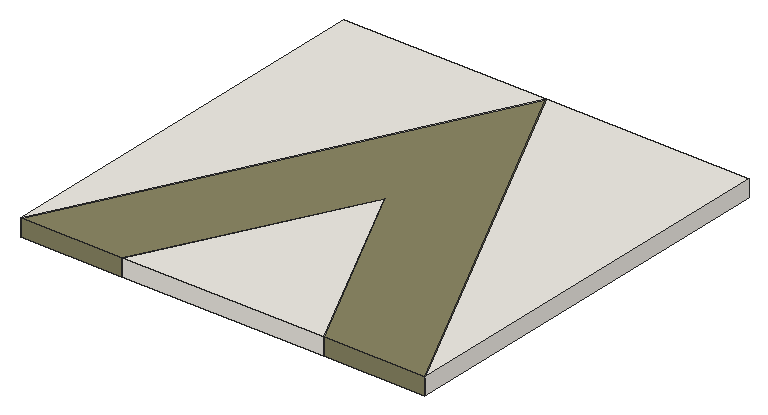
Revit family "Cambio Wall Systems - Art and Graphic - CHEVRON 36x36", category Generic Models, host Face, Revit 2023
Family settings
  Host = Face
  Can host rebar = No
  Round Connector Dimension = Use Diameter
  Part Type = Normal
  Cut with Voids When Loaded = No
  Maintain Annotation Orientation = No
  Shared = No
  Room Calculation Point = No
Parameters (values of type "Art and Graphics - SAGUARO WHITE FLOUR")
  Default Elevation = 4' - 0"
  Cambio Material 2 = Cambio Art and Graphics - White Flour
  Cambio Material = Cambio Art and Graphics - Saguaro
Types (4): name | Cambio Material 2 | Cambio Material
  Art and Graphics - HONEYCOMB EVENING SHADOW | Cambio Art and Graphics - Evening Shadow | Cambio Art and Graphics - Honeycomb
  Art and Graphics - PEACOCK PLUME EVENING SHADOW | Cambio Art and Graphics - Evening Shadow | Cambio Art and Graphics - Peacock Plume
  Art and Graphics - ROCKWOOD JADE | Cambio Art and Graphics - Maple | Cambio Art and Graphics - Rockwood Jade
  Art and Graphics - SAGUARO WHITE FLOUR | Cambio Art and Graphics - White Flour | Cambio Art and Graphics - Saguaro
Reference planes (in)
  plane 1 "Center (Front/Back)": y = 0
  plane 2: z = 0
  plane 3 "Center (Left/Right)": x = 0
Forms (in)
  Extrusion 1, solid, material "Cambio Art and Graphics - White Flour" <- "Cambio Material 2"
    sketch origin (0, 0, 0) x (1, 0, 0) y (0, 1, 0)
      loop
        line (-8.99996, -18) -> (8.99993, -18) -> (0.00002, -0.00004) -> (-8.99996, -18)
    from 0 to 1.5
  Extrusion 2, solid, material "Cambio Art and Graphics - Saguaro" <- "Cambio Material"
    sketch origin (0, 0, 0) x (1, 0, 0) y (0, 1, 0)
      loop
        line (-8.99996, -18) -> (0.00002, -0.00004) -> (8.99993, -18) -> (17.99985, -18) -> (0.00004, 17.99992) -> (-17.99992, -18) -> (-8.99996, -18)
    from 0 to 1.5
  Extrusion 3, solid, material "Cambio Art and Graphics - White Flour" <- "Cambio Material 2"
    sketch origin (0, 0, 0) x (1, 0, 0) y (0, 1, 0)
      loop
        line (18, 18) -> (0, 18) -> (18, -18.00029) -> (18, 18)
    from 0 to 1.5
  Extrusion 4, solid, material "Cambio Art and Graphics - White Flour" <- "Cambio Material 2"
    sketch origin (0, 0, 0) x (-1, 0, 0) y (0, -1, 0)
      loop
        line (18, -18) -> (18, 18.00029) -> (0, -18) -> (18, -18)
    from 0 to 1.5
Dimensions and locks (in)
  aligned and locked: plane 2 to host face
  aligned and locked: level to host face
